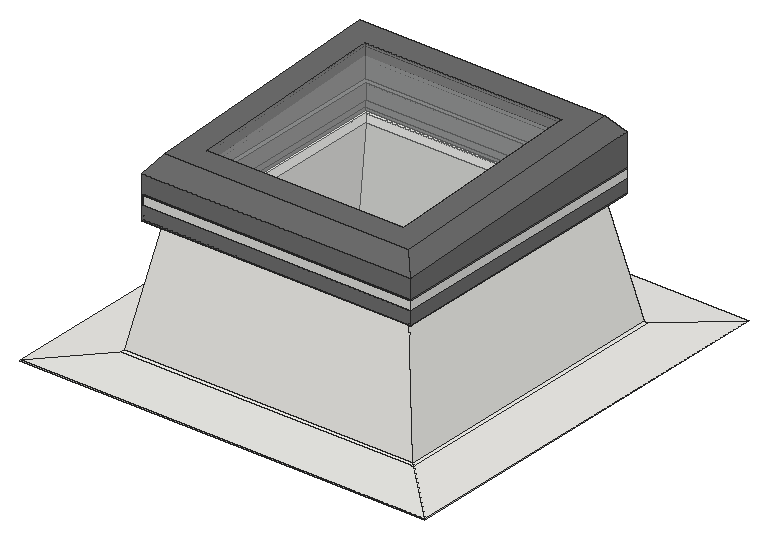
Revit family "Windows_Skylights_Lamilux_FE3°_allin", category Fenster, Revit 2019
Family settings
  Basisbauteil = Dach
  Immer vertikal = Nein
  Beim Laden mit Abzugskörper schneiden = Nein
  Gemeinsam genutzt = Nein
  Raumberechnungspunkt = Nein
Parameters (values of type "60cm x 60cm")
  zweifach Verglasung [instance] = yes
  Upstand Material = GFK
  Tandem Lüfter [instance] = or(Spindel 230V tandem, Spindel 24V tandem)  # no
  Spindel 24V tandem [instance] = and([- Spindelhuböffner 24V], not(Spindel 24V), not(Hilfsparameter Spindel 24V))  # no
  Spindel 24V [instance] = and(or(and(OKD_Breite < 1001 mm, OKD_Länge < 1501 mm), and(OKD_Breite = 1200 mm, OKD_Länge = 1200 mm), and(OKD_Breite = 1250 mm, OKD_Länge = 1250 mm), and(OKD_Breite = 1200 mm, OKD_Länge = 1500 mm, zweifach Verglasung)), [- Spindelhuböffner 24V], not(Hilfsparameter Spindel 24V))  # no
  Spindel 230V tandem [instance] = and(or(and(OKD_Breite = 3000 mm, OKD_Länge = 1000 mm), and(OKD_Breite = 2700 mm, OKD_Länge = 1200 mm), and(OKD_Breite = 2500 mm, OKD_Länge = 1250 mm), and(OKD_Breite > 2100 mm, OKD_Länge > 1250 mm), and(or(and(OKD_Länge = 1000 mm, OKD_Breite > 2000 mm), and(OKD_Länge = 1200 mm, OKD_Breite > 1200 mm), and(OKD_Länge = 1500 mm, OKD_Breite = 1500 mm), and(OKD_Breite > 1250 mm, OKD_Länge > 1500 mm)), dreifach Verglasung)), [- Spindelhuböffner 230V])  # no
  Spindel 230V [instance] = and([- Spindelhuböffner 230V], not(Spindel 230V tandem))  # no
  Product data url = "https://www.bimobject.com/lamilux/product/lamilux_fe3"
  Product Guid = "1f6189a9-dfad-4b45-a956-c1325e0e2143"
  Glazing Material = Glas
  Frame Material = Aluminium (1)
  Bauelement = "08600"
  Hilfsparameter Spindel 24V [instance] = or(and(or(OKD_Breite = 2700 mm, OKD_Breite = 3000 mm), OKD_Länge = 1500 mm), and(OKD_Breite = 2000 mm, OKD_Länge = 2000 mm), and(or(OKD_Breite = 2400 mm, OKD_Breite = 2500 mm), OKD_Länge = 1500 mm, dreifach Verglasung))  # no
  Flügelbock Spindel solo [instance] = or(Spindel 230V, Spindel 24V, [- Handspindel])  # no
  Edition number = 1
  Beschreibung = "NEW from 1. April 2020: The Flat Roof Window FE3° - One year ago already, the newly developed LAMILUX Glass Skylight FE entered the market. This non-inclined version already won numerous design awards like the German Design Award, the Red Dot Award or two Plus X awards. The skylight version with 3° inclination now improves the functionality of the glass skylight even more."  # constant formula
  - Spindelhuböffner 24V [instance] = no
  - Kettenschuböffner verdeckt [instance] = no
  starr verriegelt [instance] = and(not([- Kettenschuböffner]), not([- Kettenschuböffner verdeckt]), not([- Spindelhuböffner 24V]), not([- Spindelhuböffner 230V]), not([- Handspindel]))  # no
  - Spindelhuböffner 230V [instance] = no
  - Kettenschuböffner [instance] = yes
  dreifach Verglasung [instance] = and(not(zweifach Verglasung), not(Hilfsparameter Verglasung))  # no
  Wärmedurchgang Ug (W/m²K) [instance] = if(zweifach Verglasung, "1,0...1,1", "0,6")  # "1,0...1,1"
  URL = "https://www.lamilux.de/tageslichtsysteme/produkte/flachdach-fenster/flachdach-fenster-mit-aluminiumrahmen.html"
  Typenbild = <Keine Auswahl>
  Schalldämmwert Rw,P (dB) [instance] = if(zweifach Verglasung, "35...45", "39")  # "35...45"
  OKD_Länge = 600 mm
  OKD_Breite = 600 mm
  Lüftungsantriebe [instance] = ""
  KSA 400 230V tandem [instance] = and(OKD_Breite > 1500 mm, [- Kettenschuböffner])  # no
  KSA 400 230V [instance] = and(or(OKD_Breite = 1000 mm, OKD_Breite = 1200 mm, OKD_Breite = 1250 mm), [- Kettenschuböffner])  # no
  KSA 250 230V tandem [instance] = and(OKD_Breite = 1500 mm, [- Kettenschuböffner])  # no
  KSA 250 230V [instance] = and(or(OKD_Breite = 800 mm, OKD_Breite = 900 mm), [- Kettenschuböffner])  # no
  Modell = "LAMILUX Flachdach Fenster FE3°"
  Lichttransmission (%) [instance] = if(zweifach Verglasung, "36...80", "31...72")  # "36...80"
  Konstruktionstyp = "Dachfenster"
  Homepage [instance] = "https://www.lamilux.de/tageslichtsysteme/produkte/flachdach-fenster/flachdach-fenster-mit-aluminiumrahmen.html"
  Hilfsparameter Verglasung = or(and(OKD_Breite = 1500 mm, OKD_Länge = 2700 mm), and(OKD_Breite = 1500 mm, OKD_Länge = 3000 mm), and(OKD_Breite = 2000 mm, OKD_Länge = 2000 mm))  # no
  Hilfsparameter KSA [instance] = or(KSA 250 230V, KSA 400 230V)  # no
  Hersteller = "LAMILUX Heinrich Strunz GmbH"
  Gesamtenergiedurchlass g (%) [instance] = if(zweifach Verglasung, "27...62", "24...51")  # "27...62"
  Baugruppenkennzeichen = "B3020100"
  Aufsatzkranzhöhe [instance] = FE3°_Basis : K30
  Analytische Konstruktion = "<Keine Auswahl>"
  - Handspindel [instance] = no
Reference planes
  plane 1 "Mitte (Vorne/hinten)": y = 0
  plane 2 "Dach": z = 4000
  plane 3 "Mitte (Links/rechts)": x = 0
  plane 4: x = -300
  plane 5: x = 300
  plane 6: y = 300
  plane 7: y = -300
Forms (mm)
  Extrusion 1, void
    sketch origin (0, 0, 4000) x (1, 0, 0) y (0, 1, 0)
      loop
        line (-300, 300) -> (-300, -300) -> (300, -300) -> (300, 300) -> (-300, 300)
    from 0 to 152.4
Dimensions and locks
  equal spacing: host sketch curve, plane 3 "Mitte (Links/rechts)", host sketch curve
  equal spacing: host sketch curve, plane 1 "Mitte (Vorne/hinten)", host sketch curve
  equal spacing: plane 6, plane 1 "Mitte (Vorne/hinten)", plane 7
  "OKD_Länge": plane 6 to plane 7
  equal spacing: plane 4, plane 3 "Mitte (Links/rechts)", plane 5
  "OKD_Breite": plane 4 to plane 5
  aligned and locked: level to plane 2 "Dach"
  aligned and locked: plane 3 "Mitte (Links/rechts)" to nested 1
  aligned and locked: nested 1 to host roof
  aligned and locked: plane 1 "Mitte (Vorne/hinten)" to nested 1
  aligned and locked: Extrusion 1 sketch curve to plane 6
  aligned and locked: Extrusion 1 sketch curve to plane 5
  aligned and locked: plane 7 to Extrusion 1 sketch curve
  aligned and locked: plane 4 to Extrusion 1 sketch curve
  aligned and locked: host roof to Extrusion 1
Nested families
  nested 1: "FE3°_Basis" at (0, 0, 4152.4), type <- "Aufsatzkranzhöhe", type "K30"
    with OKD_Länge 600 mm, OKD_Breite 600 mm, Handspindel no, Flügelbock Spindel solo no
Definition of nested family "FE3°_Basis"
  Parameters (values of type "K50")
    zweifach Verglasung = yes
    dreifach Verglasung = not(zweifach Verglasung)  # no
    Verglasungshöhe = if(dreifach Verglasung, 92.9 mm, 76.9 mm)  # 76.9 mm
    Tandem Position = if(OKD_Breite = 1400 mm, 700 mm, if(or(OKD_Breite = 1500 mm, OKD_Breite = 2100 mm), 800 mm, if(or(OKD_Breite = 1800 mm, OKD_Breite = 2000 mm), 850 mm, if(OKD_Breite = 2400 mm, 1050 mm, if(OKD_Breite = 2500 mm, 1100 mm, if(OKD_Breite = 2700 mm, 1200 mm, if(OKD_Breite = 3000 mm, 1350 mm, 300 mm)))))))  # 800 mm
    Tandem Lüfter = no
    Spindel 24V tandem = no
    Spindel 24V = no
    Spindel 230V tandem = no
    Spindel 230V = no
    OKD_Länge = 1500 mm
    OKD_Breite = 1500 mm
    NRWG tandem = no
    NRWG = no
    KSA 400 230V tandem = no
    KSA 400 230V = no
    KSA 250 230V tandem = no
    KSA 250 230V = yes
    Handspindel = yes
    Flügelbock Spindel solo = no
    Flügelbock = yes
    Aufsatzkranzhöhe = Aufsatzkranz : K50
  Types (4, lengths in mm): name | Tandem Position | OKD_Breite | KSA 250 230V | Flügelbock Spindel solo | Flügelbock | Aufsatzkranzhöhe
    K15 | 300 | 900 | yes | no | yes | Aufsatzkranz : K15
    K30 | 300 | 1200 | no | yes | no | Aufsatzkranz : K30
    K40 | 800 | 1500 | yes | no | yes | Aufsatzkranz : K40
    K50 | 800 | 1500 | yes | no | yes | Aufsatzkranz : K50
  Reference planes
    plane 1 "Mitte (Vorne/hinten)": y = 0
    plane 2: z = 0
    plane 3 "Mitte (Links/rechts)": x = 0
    plane 4: x = -750
    plane 5: x = 750
    plane 6: y = 750
    plane 7: y = -750
    plane 8 "TandemPos": x = 400
    plane 9 "TandemPosLinks": x = -400
    plane 10 "Lüfter_rechts": x = 355
    plane 11 "Lüfter_links": x = -355
  Forms (mm)
    Sweep 1, solid, detail levels fine
      path in 3D
        loop
          line (-664.101, 664.101, 500) -> (664.101, 664.101, 500) -> (664.101, -664.101, 500) -> (-664.101, -664.101, 500) -> (-664.101, 664.101, 500)
      profile origin (-664.101, 0, 500) x (-1, 0, 0) y (0, 0, 1)
        loop
          line (7.899, 3.5) -> (7.899, -10.4) -> (20.399, -10.4) -> (20.399, -4.8) -> (50.499, -4.8) -> (50.499, -10.4) -> (63.499, -10.4) -> (63.499, -4.8) -> (79.299, -4.8) -> (89.899, -18.3) -> (89.899, -25.3)
          arc (89.899, -25.3) -> (89.329, -28.106) -> (91.899, -26.843) r 1.595
          line (91.899, -26.843) -> (91.899, 3.9) -> (90.599, 3.9) -> (90.599, 24.5) -> (91.899, 24.5) -> (91.899, 26.3) -> (39.184, 26.3) -> (10.499, 42.2) -> (10.499, 58.4) -> (-1.601, 58.4) -> (-1.601, 23.6) -> (5.899, 23.6) -> (5.899, 3.5) -> (7.899, 3.5)
    Sweep 2, solid, detail levels fine
      path in 3D
        loop
          line (-662.5, 662.5, 558.4) -> (662.5, 662.5, 558.4) -> (662.5, -662.5, 558.4) -> (-662.5, -662.5, 558.4) -> (-662.5, 662.5, 558.4)
      profile origin (-662.5, 0, 558.4) x (-1, 0, 0) y (0, 0, 1)
        loop
          line (92.2, -34.209) -> (92.2, -54.209) -> (93.354, -54.209) -> (93.354, -34.209) -> (92.2, -34.209)
    Sweep 3, solid, detail levels fine
      path in 3D
        loop
          line (756, -756, 526.3) -> (-756, -756, 526.3)
      profile origin (0, -756, 526.3) x (0, -1, 0) y (0, 0, 1)
        loop
          line (-81.4, 81.166) -> (-81.4, 15.9) -> (-52.716, 0) -> (0, 0) -> (0, 76.9) -> (-81.4, 81.166)
    Sweep 4, solid, detail levels fine
      path in 3D
        loop
          line (-756, 756, 526.3) -> (756, 756, 526.3)
      profile origin (0, 756, 526.3) x (0, 1, 0) y (0, 0, 1)
        loop
          line (0, 0) -> (0, 156.141) -> (-81.4, 151.875) -> (-81.4, 15.9) -> (-52.716, 0) -> (0, 0)
    SweptBlend 5, solid, detail levels fine
      path in 3D
        loop
          line (756, 756, 526.3) -> (756, -756, 526.3)
      profile origin (756, 756, 526.3) x (1, 0, 0) y (0, 0, 1)
        loop
          line (-81.4, 15.9) -> (-52.716, 0) -> (0, 0) -> (0, 156.141) -> (-81.4, 156.141) -> (-81.4, 15.9)
      end profile origin (756, -756, 526.3) x (1, 0, 0) y (0, 0, 1)
        loop
          line (0, 0) -> (0, 76.9) -> (-81.4, 76.9) -> (-81.4, 15.9) -> (-52.716, 0) -> (0, 0)
    SweptBlend 6, solid, detail levels fine
      path in 3D
        loop
          line (-756, -756, 526.3) -> (-756, 756, 526.3)
      profile origin (-756, -756, 526.3) x (-1, 0, 0) y (0, 0, 1)
        loop
          line (-81.4, 15.9) -> (-52.716, 0) -> (0, 0) -> (0, 76.9) -> (-81.4, 76.9) -> (-81.4, 15.9)
      end profile origin (-756, 756, 526.3) x (-1, 0, 0) y (0, 0, 1)
        loop
          line (0, 0) -> (0, 156.141) -> (-81.4, 156.141) -> (-81.4, 15.9) -> (-52.716, 0) -> (0, 0)
    Sweep 7, void
      path origin (0, 0, 0) x (0, 1, 0) y (0, 0, 1)
        loop
          line (-910, 595.129) -> (756, 682.441)
      profile origin (0, -77, 638.785) x (0, -0.052336, 0.99863) y (1, 0, 0)
        loop
          line (0, 727.7) -> (0, 756) -> (-34.948, 756) -> (0, 727.7)
        loop
          line (0, -727.7) -> (-34.948, -756) -> (0, -756) -> (0, -727.7)
    Sweep 8, void
      path in 3D
        loop
          line (756, -756, 526.3) -> (-756, -756, 526.3)
      profile origin (0, -756, 526.3) x (0, -1, 0) y (0, 0, 1)
        loop
          line (0, 76.9) -> (-29.567, 78.45) -> (0, 41.937) -> (0, 76.9)
    Sweep 9, void
      path in 3D
        loop
          line (-756, 756, 526.3) -> (756, 756, 526.3)
      profile origin (0, 756, 526.3) x (0, 1, 0) y (0, 0, 1)
        loop
          line (0, 156.141) -> (-27.185, 154.716) -> (0, 121.145) -> (0, 156.141)
    Sweep 10, solid, visible <- "zweifach Verglasung", detail levels fine
      path in 3D
        loop
          line (674.6, -674.6, 607.466) -> (-674.6, -674.6, 607.466)
      profile origin (0, -674.6, 607.466) x (0, 0, 1) y (0, 1, 0)
        loop
          line (0, 0) -> (70.709, 1349.2) -> (64.709, 1349.2) -> (-6, 0) -> (0, 0)
        loop
          line (-26.027, 0) -> (44.681, 1349.2) -> (36.681, 1349.2) -> (-34.027, 0) -> (-26.027, 0)
    Sweep 11, solid, visible <- "dreifach Verglasung", detail levels fine
      path in 3D
        loop
          line (674.6, -674.6, 607.466) -> (-674.6, -674.6, 607.466)
      profile origin (0, -674.6, 607.466) x (0, 0, 1) y (0, 1, 0)
        loop
          line (0, 0) -> (70.709, 1349.2) -> (62.709, 1349.2) -> (-8, 0) -> (0, 0)
        loop
          line (-22.019, 0) -> (48.689, 1349.2) -> (44.689, 1349.2) -> (-26.019, 0) -> (-22.019, 0)
        loop
          line (-40.038, 0) -> (30.67, 1349.2) -> (20.67, 1349.2) -> (-50.038, 0) -> (-40.038, 0)
    Extrusion 12, solid, visible <- "KSA 250 230V", detail levels medium+fine
      sketch origin (0, 0, 0) x (0, 1, 0) y (0, 0, 1)
        loop
          line (610.7, 423.1) -> (650.7, 423.1) -> (650.7, 469.1) -> (648, 487.268) -> (613.4, 487.268) -> (610.7, 469.1) -> (610.7, 423.1)
      from -230.898 to 306
    Extrusion 13, solid, visible <- "Flügelbock", detail levels fine
      sketch origin (0, 0, 0) x (0, 1, 0) y (0, 0, 1)
        loop
          line (625.743, 511.268) -> (625.743, 487.268) -> (643.743, 487.268) -> (643.743, 511.268) -> (625.743, 511.268)
      from -8.5 to 8.5
    Extrusion 14, solid, visible <- "Flügelbock", detail levels fine
      sketch origin (0, 0, 0) x (0, 1, 0) y (0, 0, 1)
        loop
          line (620, 511.268) -> (662.5, 511.268) -> (662.5, 541.268) -> (657.5, 541.268) -> (657.5, 516.268) -> (620, 516.268) -> (620, 511.268)
      from -40 to 40
    Extrusion 15, solid, visible <- "KSA 400 230V", detail levels fine
      sketch origin (0, 0, 0) x (0, 1, 0) y (0, 0, 1)
        loop
          line (650.7, 423.1) -> (650.7, 469.1) -> (648, 487.268) -> (613.4, 487.268) -> (610.7, 469.1) -> (610.7, 423.1) -> (650.7, 423.1)
      from -306.5 to 306.5
    Extrusion 16, solid, visible <- "KSA 250 230V tandem", detail levels fine
      sketch origin (0, 0, 0) x (0, 1, 0) y (0, 0, 1)
        loop
          line (610.7, 423.1) -> (650.7, 423.1) -> (650.7, 469.1) -> (648, 487.268) -> (613.4, 487.268) -> (610.7, 469.1) -> (610.7, 423.1)
      from 54 to 591
    Extrusion 17, solid, visible <- "KSA 250 230V tandem", detail levels fine
      sketch origin (0, 0, 0) x (0, 1, 0) y (0, 0, 1)
        loop
          line (625.743, 511.268) -> (625.743, 487.268) -> (643.743, 487.268) -> (643.743, 511.268) -> (625.743, 511.268)
      from 351.5 to 368.5
    Extrusion 18, solid, visible <- "KSA 250 230V tandem", detail levels fine
      sketch origin (0, 0, 0) x (0, 1, 0) y (0, 0, 1)
        loop
          line (620, 511.268) -> (662.5, 511.268) -> (662.5, 541.268) -> (657.5, 541.268) -> (657.5, 516.268) -> (620, 516.268) -> (620, 511.268)
      from 320 to 400
    Extrusion 19, solid, visible <- "KSA 250 230V tandem", detail levels fine
      sketch origin (0, 0, 0) x (0, 1, 0) y (0, 0, 1)
        loop
          line (610.7, 423.1) -> (650.7, 423.1) -> (650.7, 469.1) -> (648, 487.268) -> (613.4, 487.268) -> (610.7, 469.1) -> (610.7, 423.1)
      from -54 to -591
    Extrusion 20, solid, visible <- "KSA 250 230V tandem", detail levels fine
      sketch origin (0, 0, 0) x (0, 1, 0) y (0, 0, 1)
        loop
          line (625.743, 511.268) -> (625.743, 487.268) -> (643.743, 487.268) -> (643.743, 511.268) -> (625.743, 511.268)
      from -351.5 to -368.5
    Extrusion 21, solid, visible <- "KSA 250 230V tandem", detail levels fine
      sketch origin (0, 0, 0) x (0, 1, 0) y (0, 0, 1)
        loop
          line (620, 511.268) -> (662.5, 511.268) -> (662.5, 541.268) -> (657.5, 541.268) -> (657.5, 516.268) -> (620, 516.268) -> (620, 511.268)
      from -320 to -400
    Extrusion 22, solid, visible <- "KSA 400 230V tandem", detail levels fine
      sketch origin (0, 0, 0) x (0, 1, 0) y (0, 0, 1)
        loop
          line (610.7, 423.1) -> (650.7, 423.1) -> (650.7, 469.1) -> (648, 487.268) -> (613.4, 487.268) -> (610.7, 469.1) -> (610.7, 423.1)
      from 77.5 to 690.5
    Extrusion 23, solid, visible <- "KSA 400 230V tandem", detail levels fine
      sketch origin (0, 0, 0) x (0, 1, 0) y (0, 0, 1)
        loop
          line (610.7, 423.1) -> (650.7, 423.1) -> (650.7, 469.1) -> (648, 487.268) -> (613.4, 487.268) -> (610.7, 469.1) -> (610.7, 423.1)
      from -77.5 to -718.896
    Extrusion 24, solid, visible <- "KSA 400 230V tandem", detail levels fine
      sketch origin (0, 0, 0) x (0, 1, 0) y (0, 0, 1)
        loop
          line (643.743, 487.268) -> (643.743, 511.268) -> (625.743, 511.268) -> (625.743, 487.268) -> (643.743, 487.268)
      from 376 to 393.5
    Extrusion 25, solid, visible <- "KSA 400 230V tandem", detail levels fine
      sketch origin (0, 0, 0) x (0, 1, 0) y (0, 0, 1)
        loop
          line (625.743, 511.268) -> (625.743, 487.268) -> (643.743, 487.268) -> (643.743, 511.268) -> (625.743, 511.268)
      from -376 to -393.5
    Extrusion 26, solid, visible <- "KSA 400 230V tandem", detail levels fine
      sketch origin (0, 0, 0) x (0, 1, 0) y (0, 0, 1)
        loop
          line (620, 511.268) -> (662.5, 511.268) -> (662.5, 541.268) -> (657.5, 541.268) -> (657.5, 516.268) -> (620, 516.268) -> (620, 511.268)
      from 345 to 424.5
    Extrusion 27, solid, visible <- "KSA 400 230V tandem", detail levels fine
      sketch origin (0, 0, 0) x (0, 1, 0) y (0, 0, 1)
        loop
          line (620, 511.268) -> (662.5, 511.268) -> (662.5, 541.268) -> (657.5, 541.268) -> (657.5, 516.268) -> (620, 516.268) -> (620, 511.268)
      from -345 to -424.5
    Extrusion 28, solid, visible <- "NRWG", detail levels fine
      sketch origin (0, 0, 0) x (0, 1, 0) y (0, 0, 1)
        loop
          line (-667.887, 436.6) -> (-693.283, 301.567) -> (-684.053, 299.831) -> (-655.5, 345.409) -> (-650.5, 345.409) -> (-650.5, 436.6) -> (-667.887, 436.6)
        loop
          line (650.5, 436.6) -> (650.5, 345.409) -> (655.5, 345.409) -> (684.053, 299.831) -> (693.283, 301.567) -> (667.887, 436.6) -> (650.5, 436.6)
      from -60 to 60
    Extrusion 29, void
      sketch origin (0, 0, 0) x (0, 1, 0) y (0, 0, 1)
        loop
          line (-667.887, 436.6) -> (-693.283, 301.567) -> (-684.053, 299.831) -> (-655.5, 345.409) -> (-652.7, 345.409) -> (-652.7, 436.6) -> (-667.887, 436.6)
        loop
          line (652.5, 436.6) -> (652.5, 345.409) -> (655.5, 345.409) -> (684.053, 299.831) -> (693.283, 301.567) -> (667.887, 436.6) -> (652.5, 436.6)
      from -58 to 58
    Extrusion 30, solid, visible <- "NRWG", detail levels fine
      sketch origin (0, 0, 0) x (0, 1, 0) y (0, 0, 1)
        loop
          line (-650.5, 444) -> (-650.5, 194) -> (650.5, 194) -> (650.5, 444) -> (-650.5, 444)
      from -32.5 to 32.5
    Extrusion 31, solid, visible <- "NRWG", detail levels fine
      sketch origin (0, 0, 0) x (0, 1, 0) y (0, 0, 1)
        loop
          line (-581.5, 475.1) -> (-581.5, 501.1) -> (-620.87, 523.83) -> (-670, 523.83) -> (-670, 503.83) -> (-655.961, 503.83)
          arc (-655.961, 503.83) -> (-644.489, 500.213) -> (-637.167, 490.67) r 20
          line (-637.167, 490.67) -> (-631.5, 475.1) -> (-581.5, 475.1)
        loop
          line (632.5, 458.08) -> (632.5, 463.568) -> (641.916, 489.437)
          arc (641.916, 489.437) -> (649.238, 498.98) -> (660.71, 502.597) r 20
          line (660.71, 502.597) -> (670, 502.597) -> (670, 522.697) -> (622.068, 522.697) -> (482.5, 495.568) -> (482.5, 458.08) -> (632.5, 458.08)
      from -84.5 to 84.5
    Extrusion 32, void
      sketch origin (0, 0, 0) x (0, 1, 0) y (0, 0, 1)
        loop
          line (668, 522.697) -> (482.5, 522.697) -> (482.5, 460.08) -> (632.5, 460.08) -> (660.71, 502.597) -> (668, 502.597) -> (668, 522.697)
        loop
          line (-668, 523.83) -> (-668, 503.83) -> (-655.961, 503.83) -> (-631.5, 475.1) -> (-581.5, 475.1) -> (-581.5, 523.83) -> (-668, 523.83)
      from -81.5 to 81.5
    Extrusion 33, void
      sketch origin (0, 0, 0) x (0, 1, 0) y (0, 0, 1)
        loop
          line (482.5, 458.08) -> (632.5, 458.08) -> (632.5, 460.08) -> (482.5, 460.08) -> (482.5, 458.08)
      from -51.5 to 51.5
    Sweep 34, solid, visible <- "NRWG", detail levels fine
      path origin (0, 0, 0) x (0, 1, 0) y (0, 0, 1)
        loop
          line (-632.5, 260.08) -> (631.404, 260.08)
      profile origin (0, -0.548, 260.08) x (0, 0, 1) y (1, 0, 0)
        loop
          line (208, -61.5) -> (208, -81.5) -> (242, -81.5) -> (242, -61.5) -> (239, -61.5) -> (239, -78.5) -> (211, -78.5) -> (211, -61.5) -> (208, -61.5)
        loop
          line (208, 61.5) -> (211, 61.5) -> (211, 78.5) -> (239, 78.5) -> (239, 61.5) -> (242, 61.5) -> (242, 81.5) -> (208, 81.5) -> (208, 61.5)
    Extrusion 35, solid, visible <- "NRWG", detail levels fine
      sketch origin (0, 0, 0) x (0, 1, 0) y (0, 0, 1)
        loop
          arc (564.25, 467.404) -> (572.486, 491.432) -> (549.47, 502.178) r 19
          line (549.47, 502.178) -> (-322.351, 236.968) -> (-493.132, 352.162)
          arc (-493.132, 352.162) -> (-548.662, 341.368) -> (-537.868, 285.838) r 40
          line (-537.868, 285.838) -> (-322.351, 140.47) -> (564.25, 467.404)
      from 45 to -45
    Extrusion 36, void
      sketch origin (0, 0, 0) x (0, 1, 0) y (0, 0, 1)
        loop
          line (-557.5, 505) -> (-557.5, 138.47) -> (576, 138.47) -> (576, 505) -> (-557.5, 505)
      from -40 to 40
    Extrusion 37, solid, visible <- "NRWG tandem", detail levels fine
      sketch origin (400, 0, 0) x (0, 1, 0) y (0, 0, 1)
        loop
          line (-667.887, 436.6) -> (-693.283, 301.567) -> (-684.053, 299.831) -> (-655.5, 345.409) -> (-650.5, 345.409) -> (-650.5, 436.6) -> (-667.887, 436.6)
      from -60 to 60
    Extrusion 38, solid, visible <- "NRWG tandem", detail levels fine
      sketch origin (400, 0, 0) x (0, 1, 0) y (0, 0, 1)
        loop
          line (650.5, 436.6) -> (650.5, 345.409) -> (655.5, 345.409) -> (684.053, 299.831) -> (693.283, 301.567) -> (667.887, 436.6) -> (650.5, 436.6)
      from -60 to 60
    Extrusion 39, void
      sketch origin (400, 0, 0) x (0, 1, 0) y (0, 0, 1)
        loop
          line (-667.887, 436.6) -> (-693.283, 301.567) -> (-652.7, 293.935) -> (-652.7, 436.6) -> (-667.887, 436.6)
      from -58 to 58
    Extrusion 40, void, detail levels fine
      sketch origin (400, 0, 0) x (0, 1, 0) y (0, 0, 1)
        loop
          line (652.5, 436.6) -> (652.5, 293.897) -> (693.283, 301.567) -> (667.887, 436.6) -> (652.5, 436.6)
      from -58 to 58
    Extrusion 41, solid, visible <- "NRWG tandem", detail levels fine
      sketch origin (400, 0, 0) x (0, 1, 0) y (0, 0, 1)
        loop
          line (-650.5, 444) -> (-650.5, 194) -> (650.5, 194) -> (650.5, 444) -> (-650.5, 444)
      from -32.5 to 32.5
    Extrusion 42, solid, visible <- "NRWG tandem", detail levels fine
      sketch origin (400, 0, 0) x (0, 1, 0) y (0, 0, 1)
        loop
          line (-537.868, 285.838) -> (-322.351, 140.47) -> (561.569, 466.172)
          arc (561.569, 466.172) -> (573.01, 490.052) -> (549.47, 502.178) r 19
          line (549.47, 502.178) -> (-322.351, 236.968) -> (-493.132, 352.162)
          arc (-493.132, 352.162) -> (-548.662, 341.368) -> (-537.868, 285.838) r 40
      from -45 to 45
    Extrusion 43, void
      sketch origin (400, 0, 0) x (0, 1, 0) y (0, 0, 1)
        loop
          line (-557.5, 505) -> (-557.5, 161.302) -> (576, 161.302) -> (576, 505) -> (-557.5, 505)
      from -40 to 40
    Extrusion 44, solid, visible <- "NRWG tandem", detail levels fine
      sketch origin (400, 0, 0) x (0, 1, 0) y (0, 0, 1)
        loop
          line (-581.5, 501.1) -> (-620.87, 523.83) -> (-670, 523.83) -> (-670, 503.83) -> (-655.961, 503.83)
          arc (-655.961, 503.83) -> (-644.489, 500.213) -> (-637.167, 490.67) r 20
          line (-637.167, 490.67) -> (-631.5, 475.1) -> (-581.5, 475.1) -> (-581.5, 501.1)
        loop
          line (660.71, 502.597) -> (670, 502.597) -> (670, 522.697) -> (622.068, 522.697) -> (482.5, 495.568) -> (482.5, 458.08) -> (632.5, 458.08) -> (632.5, 463.568) -> (641.916, 489.437)
          arc (641.916, 489.437) -> (649.238, 498.98) -> (660.71, 502.597) r 20
      from -84.5 to 84.5
    Extrusion 45, void
      sketch origin (400, 0, 0) x (0, 1, 0) y (0, 0, 1)
        loop
          line (-668, 523.83) -> (-668, 503.83) -> (-655.961, 503.83)
          arc (-655.961, 503.83) -> (-644.489, 500.213) -> (-637.167, 490.67) r 20
          line (-637.167, 490.67) -> (-631.5, 475.1) -> (-581.5, 475.1) -> (-581.5, 501.1) -> (-620.87, 523.83) -> (-668, 523.83)
      from -81.5 to 81.5
    Extrusion 46, void
      sketch origin (400, 0, 0) x (0, 1, 0) y (0, 0, 1)
        loop
          line (482.5, 458.08) -> (632.5, 458.08) -> (632.5, 460.08) -> (482.5, 460.08) -> (482.5, 458.08)
      from -51.5 to 51.5
    Extrusion 47, void
      sketch origin (400, 0, 0) x (0, 1, 0) y (0, 0, 1)
        loop
          line (482.5, 460.08) -> (632.5, 460.08) -> (632.5, 463.568) -> (641.916, 489.437)
          arc (641.916, 489.437) -> (649.238, 498.98) -> (660.71, 502.597) r 20
          line (660.71, 502.597) -> (668, 502.597) -> (668, 522.697) -> (622.068, 522.697) -> (482.5, 495.568) -> (482.5, 460.08)
      from -81.5 to 81.5
    Sweep 48, solid, visible <- "NRWG tandem", detail levels fine
      path origin (400, 0, 0) x (0, 1, 0) y (0, 0, 1)
        loop
          line (-632.5, 258.08) -> (631.404, 258.08)
      profile origin (400, -0.548, 258.08) x (0, 0, 1) y (1, 0, 0)
        loop
          line (210, -61.5) -> (210, -81.5) -> (244, -81.5) -> (244, -61.5) -> (241, -61.5) -> (241, -78.5) -> (213, -78.5) -> (213, -61.5) -> (210, -61.5)
        loop
          line (210, 61.5) -> (213, 61.5) -> (213, 78.5) -> (241, 78.5) -> (241, 61.5) -> (244, 61.5) -> (244, 81.5) -> (210, 81.5) -> (210, 61.5)
    Extrusion 49, solid, visible <- "NRWG tandem", detail levels fine
      sketch origin (-400, 0, 0) x (0, 1, 0) y (0, 0, 1)
        loop
          line (-667.887, 436.6) -> (-693.283, 301.567) -> (-684.053, 299.831) -> (-655.5, 345.409) -> (-650.5, 345.409) -> (-650.5, 436.6) -> (-667.887, 436.6)
      from -60 to 60
    Extrusion 50, solid, visible <- "NRWG tandem", detail levels fine
      sketch origin (-400, 0, 0) x (0, 1, 0) y (0, 0, 1)
        loop
          line (650.5, 436.6) -> (650.5, 345.409) -> (655.5, 345.409) -> (684.053, 299.831) -> (693.283, 301.567) -> (667.887, 436.6) -> (650.5, 436.6)
      from -60 to 60
    Extrusion 51, void
      sketch origin (-400, 0, 0) x (0, 1, 0) y (0, 0, 1)
        loop
          line (-652.7, 436.6) -> (-667.887, 436.6) -> (-693.283, 301.567) -> (-652.7, 293.935) -> (-652.7, 436.6)
      from -58 to 58
    Extrusion 52, void
      sketch origin (-400, 0, 0) x (0, 1, 0) y (0, 0, 1)
        loop
          line (652.5, 436.6) -> (652.5, 293.897) -> (693.283, 301.567) -> (667.887, 436.6) -> (652.5, 436.6)
      from -58 to 58
    Extrusion 53, solid, visible <- "NRWG tandem", detail levels fine
      sketch origin (-400, 0, 0) x (0, 1, 0) y (0, 0, 1)
        loop
          line (650.5, 444) -> (-650.5, 444) -> (-650.5, 194) -> (650.5, 194) -> (650.5, 444)
      from -32.5 to 32.5
    Extrusion 54, solid, visible <- "NRWG tandem", detail levels fine
      sketch origin (-400, 0, 0) x (0, 1, 0) y (0, 0, 1)
        loop
          line (-670, 523.83) -> (-670, 503.83) -> (-655.961, 503.83)
          arc (-655.961, 503.83) -> (-644.489, 500.213) -> (-637.167, 490.67) r 20
          line (-637.167, 490.67) -> (-631.5, 475.1) -> (-581.5, 475.1) -> (-581.5, 501.1) -> (-620.87, 523.83) -> (-670, 523.83)
        loop
          line (670, 522.697) -> (622.068, 522.697) -> (482.5, 495.568) -> (482.5, 458.08) -> (632.5, 458.08) -> (632.5, 463.568) -> (641.916, 489.437)
          arc (641.916, 489.437) -> (649.238, 498.98) -> (660.71, 502.597) r 20
          line (660.71, 502.597) -> (670, 502.597) -> (670, 522.697)
      from -84.5 to 84.5
    Extrusion 55, void
      sketch origin (-400, 0, 0) x (0, 1, 0) y (0, 0, 1)
        loop
          line (-668, 523.83) -> (-668, 503.83) -> (-655.961, 503.83) -> (-631.5, 475.1) -> (-581.5, 475.1) -> (-581.5, 523.83) -> (-668, 523.83)
      from -81.5 to 81.5
    Extrusion 56, void
      sketch origin (-400, 0, 0) x (0, 1, 0) y (0, 0, 1)
        loop
          line (482.5, 458.08) -> (632.5, 458.08) -> (632.5, 460.08) -> (482.5, 460.08) -> (482.5, 458.08)
      from -51.5 to 51.5
    Extrusion 57, void
      sketch origin (-400, 0, 0) x (0, 1, 0) y (0, 0, 1)
        loop
          line (668, 522.697) -> (482.5, 522.697) -> (482.5, 460.08) -> (632.5, 460.08) -> (660.71, 502.597) -> (668, 502.597) -> (668, 522.697)
      from -81.5 to 81.5
    Extrusion 58, solid, visible <- "NRWG tandem", detail levels fine
      sketch origin (-400, 0, 0) x (0, 1, 0) y (0, 0, 1)
        loop
          line (-537.868, 285.838) -> (-322.27, 140.416) -> (561.583, 466.137)
          arc (561.583, 466.137) -> (573.045, 490.064) -> (549.459, 502.213) r 19.037
          line (549.459, 502.213) -> (-322.351, 236.968) -> (-493.132, 352.162)
          arc (-493.132, 352.162) -> (-548.662, 341.368) -> (-537.868, 285.838) r 40
      from -45 to 45
    Extrusion 59, void
      sketch origin (-400, 0, 0) x (0, 1, 0) y (0, 0, 1)
        loop
          line (576, 505) -> (-557.5, 505) -> (-557.5, 161.302) -> (576, 161.302) -> (576, 505)
      from -40 to 40
    Sweep 60, solid, visible <- "NRWG tandem", detail levels fine
      path origin (-400, 0, 0) x (0, 1, 0) y (0, 0, 1)
        loop
          line (-632.5, 468.08) -> (631.404, 468.08)
      profile origin (-400, -0.548, 468.08) x (0, 0, 1) y (1, 0, 0)
        loop
          line (0, 61.5) -> (3, 61.5) -> (3, 78.5) -> (31, 78.5) -> (31, 61.5) -> (34, 61.5) -> (34, 81.5) -> (0, 81.5) -> (0, 61.5)
        loop
          line (0, -61.5) -> (0, -81.5) -> (34, -81.5) -> (34, -61.5) -> (31, -61.5) -> (31, -78.5) -> (3, -78.5) -> (3, -61.5) -> (0, -61.5)
    Extrusion 61, void
      sketch origin (400, 0, 0) x (0, 1, 0) y (0, 0, 1)
        loop
          arc (-227.264, 175.507) -> (-319.421, 164.729) -> (-406.362, 197.137) r 197.912
          line (-406.362, 197.137) -> (-322.351, 140.47) -> (-227.264, 175.507)
      from -45 to 45
    Extrusion 62, void
      sketch origin (0, 0, 0) x (0, 1, 0) y (0, 0, 1)
        loop
          line (-322.351, 140.47) -> (-227.298, 175.521)
          arc (-227.298, 175.521) -> (-319.424, 164.729) -> (-406.339, 197.121) r 197.798
          line (-406.339, 197.121) -> (-322.351, 140.47)
      from -45 to 45
    Extrusion 63, void
      sketch origin (-400, 0, 0) x (0, 1, 0) y (0, 0, 1)
        loop
          arc (-227.186, 175.457) -> (-319.341, 164.676) -> (-406.281, 197.082) r 197.899
          line (-406.281, 197.082) -> (-322.27, 140.416) -> (-227.186, 175.457)
      from -45 to 45
    Extrusion 64, solid, detail levels coarse
      sketch origin (-400, 0, 0) x (0, 1, 0) y (0, 0, 1)
        loop
          line (-910, 0) -> (910, 0) -> (910, 700) -> (-910, 700) -> (-910, 0)
      from -510 to 1310
    Extrusion 65, solid, detail levels medium
      sketch origin (-400, 0, 0) x (0, 1, 0) y (0, 0, 1)
        loop
          line (756, 471.6) -> (756, 682.441) -> (-756, 603.2) -> (-756, 471.6) -> (756, 471.6)
      from -355.854 to 1155.854
    Sweep 66, solid, detail levels medium
      path origin (0, 0, 0) x (1, 0, 0) y (0, 1, 0)
        loop
          line (-750, 750) -> (-750, -750) -> (750, -750) -> (750, 750) -> (-750, 750)
      profile origin (0, 750, 0) x (0, 1, 0) y (0, 0, 1)
        loop
          line (0, 0) -> (160, 0) -> (160, 1.826) -> (28.443, 7.944) -> (-22.218, 471.6) -> (-90, 471.6) -> (-90, 0) -> (0, 0)
    Extrusion 67, solid, detail levels medium
      sketch origin (-400, 0, 0) x (0, 1, 0) y (0, 0, 1)
        loop
          line (-660, 471.6) -> (-660, 0) -> (660, 0) -> (660, 471.6) -> (-660, 471.6)
      from -260 to 1060
    Extrusion 68, solid, visible <- "Flügelbock Spindel solo", detail levels fine
      sketch origin (0, 0, 0) x (0, 1, 0) y (0, 0, 1)
        loop
          line (662.5, 503) -> (662.5, 528) -> (656.5, 528)
          arc (656.5, 528) -> (622.202, 514.301) -> (606.778, 480.742) r 49.786
          arc (606.778, 480.742) -> (613.308, 472.883) -> (621.212, 479.357) r 7.25
          arc (621.212, 479.357) -> (630.331, 499.677) -> (650.989, 508) r 29.8
          line (650.989, 508) -> (656.5, 508) -> (656.5, 503) -> (662.5, 503)
        loop
          circle (614, 480.1) r 3.25
      from -30 to 30
    Extrusion 69, void
      sketch origin (0, -2.072, 0) x (1, 0, 0) y (0, 1, 0)
        loop
          line (4, 607.814) -> (4, 627.429) -> (-4, 627.429) -> (-4, 607.814) -> (4, 607.814)
        loop
          line (30, 607.814) -> (30, 658.572) -> (12, 658.572) -> (12, 607.814) -> (30, 607.814)
        loop
          line (-30, 607.814) -> (-12, 607.814) -> (-12, 658.572) -> (-30, 658.572) -> (-30, 607.814)
      from 0 to 700
    Extrusion 70, solid, visible <- "Spindel 230V", detail levels fine
      sketch origin (0, 0, 0) x (0, 1, 0) y (0, 0, 1)
        loop
          line (660, 500) -> (664.101, 500) -> (664.101, 501.549) -> (658.5, 501.549) -> (658.5, 481.149) -> (653.5, 481.149) -> (653.5, 471.149) -> (609.266, 428.825)
          arc (609.266, 428.825) -> (608.32, 415.417) -> (621.575, 413.181) r 10
          line (621.575, 413.181) -> (658.5, 436.844) -> (658.5, 433.6) -> (666.973, 433.6) -> (670.286, 415.983) -> (671.714, 416.251) -> (668.017, 435.906) -> (660, 435.906) -> (660, 437.1) -> (660, 500)
        loop
          circle (616.5, 421.1) r 4
      from -28 to 28
    Extrusion 71, void
      sketch origin (0, 0, 0) x (0, 1, 0) y (0, 0, 1)
        loop
          line (653.5, 401.149) -> (653.5, 481.149) -> (594.507, 481.149) -> (594.507, 401.149) -> (653.5, 401.149)
      from -23 to 23
    Revolve 72, solid, visible <- "Spindel 230V", detail levels fine
      sketch origin (0, 0, 0) x (0, 1, 0) y (0, 0, 1)
        loop
          line (614.71, 462.514) -> (630.869, 64.342) -> (640.361, 64.727) -> (625.54, 429.927) -> (621.044, 429.744) -> (619.706, 462.717) -> (614.71, 462.514)
        axis (614.71, 462.514) -> (630.869, 64.342)
      angle from 0 to 360
    Extrusion 73, solid, visible <- "Spindel 230V", detail levels fine
      sketch origin (0, 0, 0) x (0, 1, 0) y (0, 0, 1)
        loop
          line (581.908, 407.639) -> (588.396, 247.771) -> (658.338, 250.609) -> (651.85, 410.478) -> (581.908, 407.639)
      from -35 to 35
    Extrusion 74, solid, visible <- "Spindel 230V", detail levels fine
      sketch origin (0, 0, 0) x (0, 1, 0) y (0, 0, 1)
        loop
          line (608.719, 462.271) -> (620.709, 462.758) -> (619.995, 480.343)
          arc (619.995, 480.343) -> (613.757, 486.095) -> (608.005, 479.857) r 6
          line (608.005, 479.857) -> (608.719, 462.271)
        loop
          circle (614, 480.1) r 3.25
      from -4 to 4
    Extrusion 75, solid, visible <- "Spindel 230V", detail levels fine
      sketch origin (0, 0, 0) x (0, 1, 0) y (0, 0, 1)
        loop
          line (603, 408.495) -> (630.977, 409.631) -> (630.166, 429.614) -> (602.189, 428.479) -> (603, 408.495)
        loop
          circle (616.5, 421.1) r 4
      from -21 to 21
    Extrusion 76, solid, visible <- "Tandem Lüfter", detail levels fine
      sketch origin (-355, 0, 0) x (0, 1, 0) y (0, 0, 1)
        loop
          arc (656.5, 528) -> (622.202, 514.301) -> (606.778, 480.742) r 49.786
          arc (606.778, 480.742) -> (613.679, 472.857) -> (621.25, 480.1) r 7.25
          arc (621.25, 480.1) -> (630.6, 499.933) -> (650.989, 508) r 29.8
          line (650.989, 508) -> (656.5, 508) -> (656.5, 503) -> (662.5, 503) -> (662.5, 528) -> (656.5, 528)
        loop
          circle (614, 480.1) r 3.25
      from -30 to 30
    Extrusion 77, void
      sketch origin (0, 0, 0) x (1, 0, 0) y (0, 1, 0)
        loop
          line (-351, 605.743) -> (-351, 625.358) -> (-359, 625.358) -> (-359, 605.743) -> (-351, 605.743)
        loop
          line (-323, 605.743) -> (-323, 656.5) -> (-343, 656.5) -> (-343, 605.743) -> (-323, 605.743)
        loop
          line (-386.979, 605.743) -> (-367, 605.743) -> (-367, 656.5) -> (-386.979, 656.5) -> (-386.979, 605.743)
      from 0 to 700
    Extrusion 78, solid, visible <- "Spindel 230V tandem", detail levels fine
      sketch origin (-355, 0, 0) x (0, 1, 0) y (0, 0, 1)
        loop
          line (664.101, 500) -> (664.101, 501.549) -> (658.5, 501.549) -> (658.5, 478.533) -> (653.5, 478.533) -> (653.5, 471.149) -> (609.266, 428.825)
          arc (609.266, 428.825) -> (608.32, 415.417) -> (621.575, 413.181) r 10
          line (621.575, 413.181) -> (658.5, 437.199) -> (658.5, 433.6) -> (666.973, 433.6) -> (670.286, 415.983) -> (671.714, 416.251) -> (668.017, 435.906) -> (660, 435.906) -> (660, 500) -> (664.101, 500)
        loop
          circle (616.5, 421.1) r 4
      from -28 to 28
    Extrusion 79, void
      sketch origin (-355, -1.532, 153.92) x (0, 1, 0) y (0, 0, 1)
        loop
          line (594.507, 327.229) -> (594.507, 251.08) -> (655.032, 251.08) -> (655.032, 327.229) -> (594.507, 327.229)
      from -23 to 23
    Revolve 80, solid, visible <- "Spindel 230V tandem", detail levels fine
      sketch origin (-355, 0, 0) x (0, 1, 0) y (0, 0, 1)
        loop
          line (630.869, 64.342) -> (640.361, 64.727) -> (624.202, 462.9) -> (614.71, 462.514) -> (630.869, 64.342)
        axis (630.869, 64.342) -> (614.71, 462.514)
      angle from 0 to 360
    Extrusion 81, solid, visible <- "Spindel 230V tandem", detail levels fine
      sketch origin (-355, 0, 0) x (0, 1, 0) y (0, 0, 1)
        loop
          line (581.908, 407.639) -> (588.396, 247.771) -> (658.338, 250.609) -> (651.85, 410.478) -> (581.908, 407.639)
      from -35 to 35
    Extrusion 82, solid, visible <- "Spindel 230V tandem", detail levels fine
      sketch origin (-355, 0, 0) x (0, 1, 0) y (0, 0, 1)
        loop
          line (608.719, 462.271) -> (620.709, 462.758) -> (619.995, 480.343)
          arc (619.995, 480.343) -> (613.757, 486.095) -> (608.005, 479.857) r 6
          line (608.005, 479.857) -> (608.719, 462.271)
        loop
          circle (614, 480.1) r 3.25
      from -4 to 4
    Extrusion 83, solid, visible <- "Spindel 230V tandem", detail levels fine
      sketch origin (-355, 0, 0) x (0, 1, 0) y (0, 0, 1)
        loop
          line (603, 408.495) -> (630.977, 409.631) -> (630.166, 429.614) -> (602.189, 428.479) -> (603, 408.495)
        loop
          circle (616.5, 421.1) r 4
      from -21 to 21
    Extrusion 84, solid, visible <- "Tandem Lüfter", detail levels fine
      sketch origin (355, 0, 0) x (0, 1, 0) y (0, 0, 1)
        loop
          arc (656.5, 528) -> (622.202, 514.301) -> (606.778, 480.742) r 49.786
          arc (606.778, 480.742) -> (613.679, 472.857) -> (621.25, 480.1) r 7.25
          arc (621.25, 480.1) -> (630.6, 499.933) -> (650.989, 508) r 29.8
          line (650.989, 508) -> (656.5, 508) -> (656.5, 503) -> (662.5, 503) -> (662.5, 528) -> (656.5, 528)
        loop
          circle (614, 480.1) r 3.25
      from -30 to 30
    Extrusion 85, void
      sketch origin (0, 0, 0) x (1, 0, 0) y (0, 1, 0)
        loop
          line (359, 605.743) -> (359, 625.358) -> (351, 625.358) -> (351, 605.743) -> (359, 605.743)
        loop
          line (385, 605.743) -> (385, 656.5) -> (367, 656.5) -> (367, 605.743) -> (385, 605.743)
        loop
          line (325, 605.743) -> (343, 605.743) -> (343, 656.5) -> (325, 656.5) -> (325, 605.743)
      from 0 to 700
    Extrusion 86, solid, visible <- "Spindel 230V tandem", detail levels fine
      sketch origin (355, 0, 0) x (0, 1, 0) y (0, 0, 1)
        loop
          line (664.101, 500) -> (664.101, 501.549) -> (658.5, 501.549) -> (658.5, 478.533) -> (653.5, 478.533) -> (653.5, 471.149) -> (609.266, 428.825)
          arc (609.266, 428.825) -> (608.32, 415.417) -> (621.575, 413.181) r 10
          line (621.575, 413.181) -> (658.5, 437.199) -> (658.5, 433.6) -> (666.973, 433.6) -> (670.286, 415.983) -> (671.714, 416.251) -> (668.017, 435.906) -> (660, 435.906) -> (660, 500) -> (664.101, 500)
        loop
          circle (616.5, 421.1) r 4
      from -28 to 28
    Revolve 87, solid, visible <- "Spindel 230V tandem", detail levels fine
      sketch origin (355, 0, 0) x (0, 1, 0) y (0, 0, 1)
        loop
          line (630.869, 64.342) -> (640.361, 64.727) -> (624.202, 462.9) -> (614.71, 462.514) -> (630.869, 64.342)
        axis (614.71, 462.514) -> (630.869, 64.342)
      angle from 0 to 360
    Extrusion 88, void
      sketch origin (355, 0.493, 145.201) x (0, 1, 0) y (0, 0, 1)
        loop
          line (594.507, 335.305) -> (594.507, 259.799) -> (653.007, 259.799) -> (653.007, 335.305) -> (594.507, 335.305)
      from -23 to 23
    Extrusion 89, solid, visible <- "Spindel 230V tandem", detail levels fine
      sketch origin (355, 0, 0) x (0, 1, 0) y (0, 0, 1)
        loop
          line (658.338, 250.609) -> (651.85, 410.478) -> (581.908, 407.639) -> (588.396, 247.771) -> (658.338, 250.609)
      from -35 to 35
    Extrusion 90, solid, visible <- "Spindel 230V tandem", detail levels fine
      sketch origin (355, 0, 0) x (0, 1, 0) y (0, 0, 1)
        loop
          line (608.005, 479.857) -> (608.719, 462.271) -> (620.709, 462.758) -> (619.995, 480.343)
          arc (619.995, 480.343) -> (613.757, 486.095) -> (608.005, 479.857) r 6
        loop
          circle (614, 480.1) r 3.25
      from -4 to 4
    Extrusion 91, solid, visible <- "Spindel 230V tandem", detail levels fine
      sketch origin (355, 0, 0) x (0, 1, 0) y (0, 0, 1)
        loop
          line (602.189, 428.479) -> (603, 408.495) -> (630.977, 409.631) -> (630.166, 429.614) -> (602.189, 428.479)
        loop
          circle (616.5, 421.1) r 4
      from -21 to 21
    Extrusion 92, solid, visible <- "Spindel 24V", detail levels fine
      sketch origin (0, 0, 0) x (0, 1, 0) y (0, 0, 1)
        loop
          line (664.101, 468.26) -> (664.101, 469.809) -> (658.5, 469.809) -> (658.5, 443.61) -> (647.377, 443.61) -> (588.5, 397.61) -> (588.5, 364.61) -> (658.5, 364.61) -> (658.5, 401.86) -> (672.943, 401.86) -> (678.709, 371.201) -> (680.136, 371.47) -> (673.987, 404.166) -> (660, 404.166) -> (660, 468.26) -> (664.101, 468.26)
        loop
          circle (598.75, 381.61) r 5.75
        loop
          circle (613.75, 381.61) r 5.75
        loop
          circle (632.25, 381.61) r 5.75
      from -28 to 28
    Extrusion 93, void
      sketch origin (0, 0, 0) x (0, 1, 0) y (0, 0, 1)
        loop
          line (588.5, 364.61) -> (655.5, 364.61) -> (655.5, 443.61) -> (588.5, 443.61) -> (588.5, 364.61)
      from -25 to 25
    Revolve 94, solid, visible <- "Spindel 24V", detail levels fine
      sketch origin (0, 0, 0) x (0, 1, 0) y (0, 0, 1)
        loop
          line (614, -128.25) -> (631.5, -128.25) -> (631.5, 437.75) -> (621.35, 437.75) -> (621.35, 467.45) -> (617.95, 467.45) -> (617.95, 475.65) -> (614, 475.65) -> (614, 437.75) -> (614, -128.25)
        axis (614, 475.65) -> (614, -128.25)
      angle from 0 to 360
    Extrusion 95, solid, visible <- "Spindel 24V", detail levels fine
      sketch origin (0, 0, 0) x (0, 1, 0) y (0, 0, 1)
        loop
          circle (614, 480.1) r 3.25
        loop
          circle (614, 480.1) r 6.78
      from -3.5 to 3.5
    Extrusion 96, solid, visible <- "Spindel 24V", detail levels fine
      sketch origin (0, 0, 0) x (0, 1, 0) y (0, 0, 1)
        loop
          line (614, -128.25) -> (638.5, -128.25) -> (638.5, 437.75) -> (614, 437.75) -> (614, -128.25)
      from -17.5 to 17.5
    Extrusion 97, solid, visible <- "Spindel 24V tandem", detail levels fine
      sketch origin (-355, 0, 0) x (0, 1, 0) y (0, 0, 1)
        loop
          line (664.101, 468.26) -> (664.101, 469.809) -> (658.5, 469.809) -> (658.5, 443.61) -> (647.377, 443.61) -> (588.5, 397.61) -> (588.5, 364.61) -> (658.5, 364.61) -> (658.5, 401.86) -> (672.943, 401.86) -> (678.709, 371.201) -> (680.136, 371.47) -> (673.987, 404.166) -> (660, 404.166) -> (660, 468.26) -> (664.101, 468.26)
        loop
          circle (598.75, 381.61) r 5.75
        loop
          circle (613.75, 381.61) r 5.75
        loop
          circle (632.25, 381.61) r 5.75
      from -28 to 28
    Extrusion 98, void, detail levels fine
      sketch origin (-355, 0, 0) x (0, 1, 0) y (0, 0, 1)
        loop
          line (588.5, 443.61) -> (588.5, 364.61) -> (655.5, 364.61) -> (655.5, 443.61) -> (588.5, 443.61)
      from -25 to 25
    Revolve 99, solid, visible <- "Spindel 24V tandem", detail levels fine
      sketch origin (-355, 0, 0) x (0, 1, 0) y (0, 0, 1)
        loop
          line (614, 475.65) -> (614, -128.25) -> (631.5, -128.25) -> (631.5, 437.75) -> (621.38, 437.75) -> (621.38, 467.45) -> (617.95, 467.45) -> (617.95, 475.65) -> (614, 475.65)
        axis (614, 475.65) -> (614, -128.25)
      angle from 0 to 360
    Extrusion 100, solid, visible <- "Spindel 24V tandem", detail levels fine
      sketch origin (-355, 0, 0) x (0, 1, 0) y (0, 0, 1)
        loop
          circle (614, 480.1) r 3.25
        loop
          circle (614, 480.1) r 6.78
      from -3.5 to 3.5
    Extrusion 101, solid, visible <- "Spindel 24V tandem", detail levels fine
      sketch origin (-355, 0, 0) x (0, 1, 0) y (0, 0, 1)
        loop
          line (638.5, -128.25) -> (638.5, 437.75) -> (614, 437.75) -> (614, -128.25) -> (638.5, -128.25)
      from -17.5 to 17.5
    Extrusion 102, solid, visible <- "Spindel 24V tandem", detail levels fine
      sketch origin (355, 0, 0) x (0, 1, 0) y (0, 0, 1)
        loop
          line (664.101, 468.26) -> (664.101, 469.809) -> (658.5, 469.809) -> (658.5, 443.61) -> (647.377, 443.61) -> (588.5, 397.61) -> (588.5, 364.61) -> (658.5, 364.61) -> (658.5, 401.86) -> (672.943, 401.86) -> (678.709, 371.201) -> (680.136, 371.47) -> (673.987, 404.166) -> (660, 404.166) -> (660, 468.26) -> (664.101, 468.26)
        loop
          circle (598.75, 381.61) r 5.75
        loop
          circle (613.75, 381.61) r 5.75
        loop
          circle (632.25, 381.61) r 5.75
      from -28 to 28
    Extrusion 103, void, detail levels fine
      sketch origin (355, 0, 0) x (0, 1, 0) y (0, 0, 1)
        loop
          line (588.5, 443.61) -> (588.5, 364.61) -> (655.5, 364.61) -> (655.5, 443.61) -> (588.5, 443.61)
      from -25 to 25
    Revolve 104, solid, visible <- "Spindel 24V tandem", detail levels fine
      sketch origin (355, 0, 0) x (0, 1, 0) y (0, 0, 1)
        loop
          line (614, 475.65) -> (614, -128.25) -> (631.5, -128.25) -> (631.5, 437.75) -> (621.35, 437.75) -> (621.35, 467.45) -> (618, 467.45) -> (618, 475.65) -> (614, 475.65)
        axis (614, 475.65) -> (614, -128.25)
      angle from 0 to 360
    Extrusion 105, solid, visible <- "Spindel 24V tandem", detail levels fine
      sketch origin (355, 0, 0) x (0, 1, 0) y (0, 0, 1)
        loop
          line (638.5, -128.25) -> (638.5, 437.75) -> (614, 437.75) -> (614, -128.25) -> (638.5, -128.25)
      from -17.5 to 17.5
    Extrusion 106, solid, visible <- "Spindel 24V tandem", detail levels fine
      sketch origin (355, 0, 0) x (0, 1, 0) y (0, 0, 1)
        loop
          circle (614, 480.1) r 3.25
        loop
          circle (614, 480.1) r 6.78
      from -3.5 to 3.5
    Revolve 107, solid, visible <- "Handspindel"
      sketch origin (0, 0, 0) x (0, 1, 0) y (0, 0, 1)
        loop
          line (618.7, 462.5) -> (614, 462.5) -> (614, 268.5) -> (623.67, 268.5) -> (623.67, 419.5) -> (630, 419.5) -> (630, 451.5) -> (624, 451.5) -> (624, 459.2) -> (618.7, 459.2) -> (618.7, 462.5)
        axis (614, 462.5) -> (614, 268.5)
      angle from 0 to 360
    Extrusion 108, solid, visible <- "Handspindel"
      sketch origin (0, 0, 0) x (0, 1, 0) y (0, 0, 1)
        loop
          line (664.101, 500) -> (664.101, 501.549) -> (658.5, 501.549) -> (658.5, 481.149) -> (653.5, 481.149) -> (653.5, 447.455) -> (621.038, 447.455)
          arc (621.038, 447.455) -> (607.5, 444.955) -> (621.038, 442.455) r 7
          line (621.038, 442.455) -> (658.5, 442.455) -> (658.5, 433.6) -> (666.973, 433.6) -> (670.286, 415.983) -> (671.714, 416.251) -> (668.017, 435.906) -> (660, 435.906) -> (660, 500) -> (664.101, 500)
        loop
          circle (614.5, 444.955) r 3
      from -28 to 28
    Extrusion 109, solid, visible <- "Handspindel"
      sketch origin (0, 0, 0) x (0, 1, 0) y (0, 0, 1)
        loop
          line (608.1, 462.5) -> (620.1, 462.5) -> (620.1, 483.069)
          arc (620.1, 483.069) -> (618.919, 485.919) -> (616.069, 487.1) r 4.031
          line (616.069, 487.1) -> (612.099, 487.1)
          arc (612.099, 487.1) -> (609.271, 485.929) -> (608.1, 483.101) r 3.999
          line (608.1, 483.101) -> (608.1, 462.5)
        loop
          circle (614, 480.1) r 3.25
      from -3.5 to 3.5
    Extrusion 110, solid, visible <- "Handspindel"
      sketch origin (0, 0, 0) x (0, 1, 0) y (0, 0, 1)
        loop
          line (604.33, 268.5) -> (601.33, 263.304) -> (601.33, 241.5)
          arc (601.33, 241.5) -> (614, 228.83) -> (626.67, 241.5) r 12.67
          line (626.67, 241.5) -> (626.67, 263.304) -> (623.67, 268.5) -> (615.971, 268.5) -> (619, 263.253) -> (619, 241.5)
          arc (619, 241.5) -> (614, 236.5) -> (609, 241.5) r 5
          line (609, 241.5) -> (609, 263.269) -> (612.02, 268.5) -> (604.33, 268.5)
      from -4 to 4
  Cuts and joins
    Sweep 7, Sweep 8 cuts Sweep 3
    Sweep 7, Sweep 8, Sweep 9 cuts Sweep 4
    Sweep 7, Sweep 8, Sweep 9 cuts SweptBlend 5
    Sweep 7, Sweep 8, Sweep 9 cuts SweptBlend 6
    joined: Sweep 3, Sweep 4, SweptBlend 5, SweptBlend 6
    Extrusion 29, Extrusion 79, Extrusion 98 cuts Extrusion 12
    Extrusion 29, Extrusion 71 cuts Extrusion 28
    Extrusion 29, Extrusion 98 cuts Extrusion 15
    Extrusion 29, Extrusion 33, Extrusion 93 cuts Extrusion 16
    Extrusion 29, Extrusion 33, Extrusion 93 cuts Extrusion 22
    Extrusion 32, Extrusion 33, Extrusion 71, Extrusion 93 cuts Extrusion 31
    Extrusion 36, Extrusion 71, Extrusion 93 cuts Sweep 34
    Extrusion 39 cuts Extrusion 37
    Extrusion 40, Extrusion 88, Extrusion 103 cuts Extrusion 38
    Extrusion 45, Extrusion 46, Extrusion 47, Extrusion 88, Extrusion 103 cuts Extrusion 44
    Extrusion 51 cuts Extrusion 49
    Extrusion 52 cuts Extrusion 50
    Extrusion 55, Extrusion 56, Extrusion 57, Extrusion 59 cuts Extrusion 54
    Extrusion 36, Extrusion 62, Extrusion 93 cuts Extrusion 35
    Extrusion 59, Extrusion 63 cuts Extrusion 58
    Extrusion 43, Extrusion 61 cuts Extrusion 42
    joined: Extrusion 65, Sweep 66, Extrusion 67
    Extrusion 69 cuts Extrusion 68
    Extrusion 71 cuts Extrusion 70
    joined: Revolve 72, Extrusion 73, Extrusion 74, Extrusion 75
    Extrusion 77 cuts Extrusion 76
    joined: Revolve 80, Extrusion 81, Extrusion 82, Extrusion 83
    Extrusion 85 cuts Extrusion 84
    Extrusion 88, Extrusion 103 cuts Extrusion 41
    Extrusion 88, Extrusion 103 cuts Sweep 48
    joined: Revolve 87, Extrusion 89, Extrusion 90, Extrusion 91
    Extrusion 93 cuts Extrusion 92
    joined: Revolve 94, Extrusion 95, Extrusion 96
    Extrusion 98 cuts Extrusion 97
    joined: Revolve 99, Extrusion 100, Extrusion 101
    Extrusion 103 cuts Extrusion 102
    joined: Revolve 104, Extrusion 105, Extrusion 106
    Extrusion 79 cuts Extrusion 78
    Extrusion 88 cuts Extrusion 86
    joined: Revolve 107, Extrusion 108, Extrusion 109, Extrusion 110
  Lines and regions (mm)
    sketch lines
      curve 1: line (-664.101, -664.101, 500) -> (-664.101, 664.101, 500)
      curve 2: line (664.101, -664.101, 500) -> (-664.101, -664.101, 500)
      curve 3: line (664.101, 664.101, 500) -> (664.101, -664.101, 500)
      curve 4: line (-664.101, 664.101, 500) -> (664.101, 664.101, 500)
      curve 5: line (-662.5, -662.5, 558.4) -> (-662.5, 662.5, 558.4)
      curve 6: line (-662.5, 662.5, 558.4) -> (662.5, 662.5, 558.4)
      curve 7: line (662.5, 662.5, 558.4) -> (662.5, -662.5, 558.4)
      curve 8: line (662.5, -662.5, 558.4) -> (-662.5, -662.5, 558.4)
      curve 9: line (756, -756, 526.3) -> (-756, -756, 526.3)
      curve 10: line (-756, 756, 526.3) -> (756, 756, 526.3)
      curve 11: line (756, 756, 526.3) -> (756, -756, 526.3)
      curve 12: line (-756, -756, 526.3) -> (-756, 756, 526.3)
      curve 13: line (756, -756, 526.3) -> (-756, -756, 526.3)
      curve 14: line (-756, 756, 526.3) -> (756, 756, 526.3)
      curve 15: line (674.6, -674.6, 607.466) -> (-674.6, -674.6, 607.466)
      curve 16: line (674.6, -674.6, 607.466) -> (-674.6, -674.6, 607.466)
  Dimensions and locks
    equal spacing: plane 4, plane 3 "Mitte (Links/rechts)", plane 5
    "OKD_Breite": plane 4 to plane 5
    "OKD_Länge": plane 6 to plane 7
    equal spacing: plane 6, plane 1 "Mitte (Vorne/hinten)", plane 7
    "Verglasungshöhe": Sweep 3 sketch curve to Sweep 3 sketch curve
    locked: Sweep 9 sketch curve to Sweep 9 sketch curve at 34.996
    locked: Sweep 7 sketch curve to plane 5 at 6
    equal spacing: Sweep 7 sketch curve, plane 3 "Mitte (Links/rechts)", Sweep 7 sketch curve
    locked: Extrusion 28 sketch curve to nested 1 at 63.4
    locked: Extrusion 28 sketch curve to Extrusion 28 sketch curve at 137.4  (x2)
    locked: Extrusion 28 sketch curve to Extrusion 28 sketch curve at 5
    Sweep 11 sketch curve to Sweep 11 sketch curve to Sweep 11 sketch curve = 14 mm locked, 3.995 mm locked
    locked: Sweep 11 sketch curve to Sweep 11 sketch curve at 14
    locked: Sweep 11 sketch curve to Sweep 10 at 4.003
    locked: Sweep 10 to Sweep 11 sketch curve at 13.992
    locked: Sweep 11 sketch curve to Sweep 11 sketch curve at 9.986
    locked: Extrusion 28 sketch curve to plane 6 at 99.5
    locked: plane 7 to Extrusion 28 sketch curve at 99.5
    locked: Extrusion 29 sketch curve to cut or joined group of Extrusion 28, Extrusion 29, Extrusion 71 at 2.2
    locked: cut or joined group of Extrusion 28, Extrusion 29, Extrusion 71 to Extrusion 29 sketch curve at 2
    locked: Extrusion 30 sketch curve to nested 1 at 56
    locked: Extrusion 30 sketch curve to Extrusion 30 sketch curve at 250
    locked: Sweep 34 sketch curve to nested 1 at 28.596
    locked: Sweep 48 sketch curve to Sweep 48 sketch curve at 34
    equal spacing: plane 9 "TandemPosLinks", plane 3 "Mitte (Links/rechts)", plane 8 "TandemPos"
    "Tandem Position": plane 9 "TandemPosLinks" to plane 8 "TandemPos"
    locked: Extrusion 15 sketch curve to Extrusion 15 sketch curve at 64.168
    locked: Extrusion 15 sketch curve to nested 1 at 12.732
    locked: Extrusion 35 sketch curve to nested 1 at 105
    locked: nested 1 to Extrusion 35 sketch curve at 16
    Extrusion 41 to Extrusion 35 sketch curve = 125 mm
    locked: Extrusion 41 to Extrusion 35 sketch curve at 135
    locked: Extrusion 35 sketch curve to Extrusion 35 sketch curve at 80
    locked: Extrusion 36 sketch curve to Extrusion 35 at 2
    locked: Extrusion 35 to Extrusion 36 sketch curve at 2  (x3)
    locked: Extrusion 35 sketch curve to Extrusion 35 sketch curve at 206
    locked: Extrusion 35 sketch curve to Extrusion 35 sketch curve at 259.961
    locked: Extrusion 41 to Extrusion 42 sketch curve at 135
    locked: Extrusion 41 to Extrusion 42 sketch curve at 125
    locked: Extrusion 42 sketch curve to Extrusion 42 sketch curve at 206
    locked: Extrusion 42 sketch curve to Extrusion 42 sketch curve at 259.961
    locked: nested 1 to Extrusion 42 sketch curve at 16
    locked: Extrusion 42 sketch curve to nested 1 at 105
    locked: Extrusion 42 sketch curve to Extrusion 42 sketch curve at 80
    locked: Extrusion 41 to Extrusion 58 sketch curve at 125
    locked: Extrusion 41 to Extrusion 58 sketch curve at 135
    locked: Extrusion 58 sketch curve to Extrusion 58 sketch curve at 206
    locked: Extrusion 58 sketch curve to nested 1 at 105
    locked: nested 1 to Extrusion 58 sketch curve at 16
    locked: Extrusion 58 sketch curve to Extrusion 58 sketch curve at 80
    locked: Extrusion 58 sketch curve to Extrusion 58 sketch curve at 260.058
    locked: Extrusion 31 sketch curve to nested 1 at 2.597
    locked: Extrusion 31 sketch curve to nested 1 at 27.5
    locked: nested 1 to Extrusion 31 sketch curve at 24.9
    cut or joined group of Extrusion 31, Extrusion 32, Extrusion 33, Extrusion 71, Extrusion 93 to Extrusion 32 sketch curve = 2 mm
    locked: cut or joined group of Extrusion 31, Extrusion 32, Extrusion 33, Extrusion 71, Extrusion 93 to Sweep 34 sketch curve at 10
    locked: Extrusion 46 sketch curve to cut or joined group of Extrusion 44, Extrusion 45, Extrusion 46, Extrusion 47, Extrusion 88, Extrusion 103 at 2
    cut or joined group of Extrusion 44, Extrusion 45, Extrusion 46, Extrusion 47, Extrusion 88, Extrusion 103 to Sweep 48 sketch curve = 10 mm
    locked: Extrusion 43 sketch curve to cut or joined group of Extrusion 42, Extrusion 43, Extrusion 61 at 2
    locked: cut or joined group of Extrusion 42, Extrusion 43, Extrusion 61 to Extrusion 43 sketch curve at 2  (x3)
    locked: cut or joined group of Extrusion 35, Extrusion 36, Extrusion 62, Extrusion 93 to Extrusion 62 sketch curve at 82.211
    locked: cut or joined group of Extrusion 58, Extrusion 59, Extrusion 63 to Extrusion 61 sketch curve at 82.3
    locked: Extrusion 63 sketch curve to Extrusion 63 sketch curve at 82.221
    locked: Extrusion 59 sketch curve to cut or joined group of Extrusion 42, Extrusion 43, Extrusion 61 at 2  (x3)
